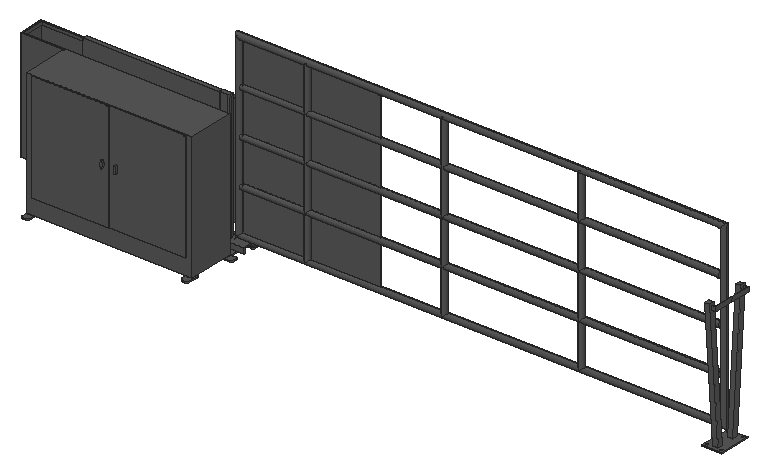
Revit family "1Construction_Fences-&-Traffic-Security_AutoGate_Cornhusker-Pivot-Gates", category Specialty Equipment, Revit 2023 (continued)
Definition of nested family "Yoke"
  Dimensions and locks (in)
    plane 3 "Center (Left/Right)" to Extrusion 20 sketch curve to Extrusion 20 sketch curve to Extrusion 20 sketch curve to Extrusion 20 sketch curve = 0.000" locked, 3.000" locked, 0.000" locked, 3.000" locked
    Extrusion 20 sketch curve to plane 1 "Center (Front/Back)" to Extrusion 20 sketch curve = 5.500" locked, 5.500" locked
    "Bottom Plate Offset": plane 38 to plane 3 "Center (Left/Right)"
    locked: plane 38 to cut or joined group of Extrusion 18, Extrusion 20, Extrusion 21 at 8
    Extrusion 21 sketch curve to Extrusion 21 sketch curve to plane 1 "Center (Front/Back)" to Extrusion 21 sketch curve to Extrusion 21 sketch curve = 0.000" locked, 5.500" locked, 5.500" locked, 0.000" locked
    plane 38 to Extrusion 21 sketch curve to Extrusion 21 sketch curve to Extrusion 21 sketch curve to Extrusion 21 sketch curve = 1.000" locked, 0.000" locked, 6.000" locked, 0.000" locked
    locked: plane 39 to plane 40 at 0.25
    "Void E_F_G": plane 39 to plane 2
    locked: plane 16 to plane 1 "Center (Front/Back)" at 5.25
    "Top Br Offset B_F": plane 1 "Center (Front/Back)" to plane 17
    plane 1 "Center (Front/Back)" to Extrusion 22 sketch curve to Extrusion 22 sketch curve = 4.00044" locked, 2.000" locked
    plane 1 "Center (Front/Back)" to Extrusion 23 sketch curve to Extrusion 23 sketch curve = 4.00044" locked, 2.000" locked
    "Void Bottom G": plane 3 "Center (Left/Right)" to plane 42
    locked: plane 42 to plane 43 at 2
    Extrusion 27 sketch curve to plane 1 "Center (Front/Back)" to Extrusion 27 sketch curve = 5.250" locked, 5.250" locked
    Extrusion 28 sketch curve to plane 1 "Center (Front/Back)" to Extrusion 28 sketch curve = 1.000" locked, 1.000" locked
    Extrusion 29 sketch curve to plane 1 "Center (Front/Back)" to Extrusion 29 sketch curve = 3.99956" locked, 4.00044" locked
    Extrusion 29 sketch curve to Extrusion 29 sketch curve to plane 44 = 0.750" locked, 6.51988" locked
    locked: Extrusion 29 to plane 43 at 0.75
    locked: plane 41 to plane 2 at 0.5
    locked: plane 2 to plane 44 at 36
    Extrusion 32 sketch curve to Extrusion 32 sketch curve to plane 1 "Center (Front/Back)" to Extrusion 32 sketch curve to Extrusion 32 sketch curve = 0.200" locked, 3.050" locked, 3.050" locked, 0.200" locked
    plane 3 "Center (Left/Right)" to Extrusion 32 sketch curve to Extrusion 32 sketch curve = 1.600" locked, 0.000" locked
    locked: plane 3 "Center (Left/Right)" to Extrusion 32 sketch curve at 0.2
    locked: plane 45 to plane 2 at 5
    equal spacing: plane 47, plane 46, plane 45
    "Fence Height": plane 47 to plane 2
    plane 46 to plane 48 to plane 49 = 8.80494" locked, 2.400" locked
    plane 51 to plane 50 to plane 46 = 2.400" locked, 8.80494" locked
    plane 38 to Extrusion 33 sketch curve to Extrusion 33 sketch curve to Extrusion 33 sketch curve = 0.200" locked, 1.400" locked, 0.000" locked
    Extrusion 33 sketch curve to Extrusion 33 sketch curve to plane 1 "Center (Front/Back)" to Extrusion 33 sketch curve to Extrusion 33 sketch curve = 0.200" locked, 3.050" locked, 3.050" locked, 0.200" locked
    plane 52 to plane 46 to plane 53 = 18.000" locked, 18.000" locked
    Sweep 34 sketch curve to plane 46 to Sweep 34 sketch curve = 12.000" locked, 12.000" locked
    plane 1 "Center (Front/Back)" to Sweep 34 sketch curve to Sweep 34 sketch curve to Sweep 34 sketch curve = 3.050" locked, 1.47916" locked, 0.000" locked
    plane 1 "Center (Front/Back)" to Sweep 34 sketch curve to Sweep 34 sketch curve to Sweep 34 sketch curve to Sweep 34 sketch curve = 3.050" locked, 0.100" locked, 0.775" locked, 0.000" locked
    Sweep 35 sketch curve to plane 46 to Sweep 35 sketch curve = 12.000" locked, 12.000" locked
    Sweep 35 sketch curve to Sweep 35 sketch curve to Sweep 35 sketch curve to plane 1 "Center (Front/Back)" = 0.000" locked, 1.47916" locked, 3.050" locked
    Sweep 35 sketch curve to Sweep 35 sketch curve to Sweep 35 sketch curve to Sweep 35 sketch curve to plane 1 "Center (Front/Back)" = 0.000" locked, 0.775" locked, 0.100" locked, 3.050" locked
    plane 3 "Center (Left/Right)" to Sweep 34 sketch curve to Sweep 34 sketch curve to Sweep 34 sketch curve to Sweep 34 sketch curve = 1.600" locked, 0.100" locked, 1.400" locked, 0.100" locked
    plane 3 "Center (Left/Right)" to Sweep 35 sketch curve to Sweep 35 sketch curve to Sweep 35 sketch curve to Sweep 35 sketch curve = 1.600" locked, 0.100" locked, 1.400" locked, 0.100" locked
    Extrusion 36 sketch curve to Extrusion 36 sketch curve to plane 1 "Center (Front/Back)" to Extrusion 36 sketch curve to Extrusion 36 sketch curve = 0.200" locked, 3.050" locked, 3.050" locked, 0.200" locked
    plane 3 "Center (Left/Right)" to Extrusion 36 sketch curve to Extrusion 36 sketch curve to Extrusion 36 sketch curve to Extrusion 36 sketch curve = 0.000" locked, 0.200" locked, 1.400" locked, 0.000" locked
    locked: plane 54 to plane 45 at 7.875
    locked: plane 47 to plane 55 at 7.875
    locked: Extrusion 36 to plane 54 at 1.6
    locked: plane 54 to Extrusion 36 at 1.6
    plane 3 "Center (Left/Right)" to Sweep 37 sketch curve to Sweep 37 sketch curve to Sweep 37 sketch curve to Sweep 37 sketch curve = 1.600" locked, 0.100" locked, 1.400" locked, 0.100" locked
    plane 1 "Center (Front/Back)" to Sweep 37 sketch curve to Sweep 37 sketch curve to Sweep 37 sketch curve to Sweep 37 sketch curve = 3.050" locked, 0.100" locked, 0.775" locked, 0.000" locked
    Sweep 37 sketch curve to Sweep 37 sketch curve to plane 54 to Sweep 37 sketch curve to Sweep 37 sketch curve = 5.100" locked, 2.775" locked, 2.775" locked, 5.100" locked
    plane 1 "Center (Front/Back)" to Sweep 37 sketch curve to Sweep 37 sketch curve to Sweep 37 sketch curve = 3.050" locked, 1.25729" locked, 0.000" locked
    Sweep 38 sketch curve to Sweep 38 sketch curve to Sweep 38 sketch curve to Sweep 38 sketch curve to plane 1 "Center (Front/Back)" = 0.000" locked, 1.25729" locked, 0.000" locked, 3.050" locked
    Sweep 38 sketch curve to Sweep 38 sketch curve to plane 54 to Sweep 38 sketch curve to Sweep 38 sketch curve = 5.100" locked, 2.775" locked, 2.775" locked, 5.100" locked
    plane 3 "Center (Left/Right)" to Sweep 38 sketch curve to Sweep 38 sketch curve to Sweep 38 sketch curve to Sweep 38 sketch curve = 1.600" locked, 0.100" locked, 1.400" locked, 0.100" locked
    Sweep 38 sketch curve to Sweep 38 sketch curve to Sweep 38 sketch curve to Sweep 38 sketch curve to plane 1 "Center (Front/Back)" = 0.000" locked, 0.775" locked, 0.100" locked, 3.050" locked
    plane 3 "Center (Left/Right)" to Extrusion 39 sketch curve to Extrusion 39 sketch curve to Extrusion 39 sketch curve to Extrusion 39 sketch curve = 0.000" locked, 0.200" locked, 1.400" locked, 0.000" locked
    Extrusion 39 sketch curve to Extrusion 39 sketch curve to plane 1 "Center (Front/Back)" to Extrusion 39 sketch curve to Extrusion 39 sketch curve = 0.200" locked, 3.050" locked, 3.050" locked, 0.200" locked
    locked: Extrusion 39 to plane 55 at 1.6
    locked: plane 55 to Extrusion 39 at 1.6
    Sweep 40 sketch curve to Sweep 40 sketch curve to plane 55 to Sweep 40 sketch curve to Sweep 40 sketch curve = 5.100" locked, 2.775" locked, 2.775" locked, 5.100" locked
    plane 1 "Center (Front/Back)" to Sweep 40 sketch curve to Sweep 40 sketch curve to Sweep 40 sketch curve = 3.050" locked, 1.25729" locked, 0.000" locked
    plane 3 "Center (Left/Right)" to Sweep 40 sketch curve to Sweep 40 sketch curve to Sweep 40 sketch curve to Sweep 40 sketch curve = 1.600" locked, 0.100" locked, 1.400" locked, 0.100" locked
    plane 1 "Center (Front/Back)" to Sweep 40 sketch curve to Sweep 40 sketch curve to Sweep 40 sketch curve to Sweep 40 sketch curve = 3.050" locked, 0.100" locked, 0.775" locked, 0.000" locked
    Sweep 41 sketch curve to Sweep 41 sketch curve to plane 55 to Sweep 41 sketch curve to Sweep 41 sketch curve = 5.100" locked, 2.775" locked, 2.775" locked, 5.100" locked
    Sweep 41 sketch curve to Sweep 41 sketch curve to Sweep 41 sketch curve to plane 1 "Center (Front/Back)" = 0.000" locked, 1.25729" locked, 3.050" locked
    plane 3 "Center (Left/Right)" to Sweep 41 sketch curve to Sweep 41 sketch curve to Sweep 41 sketch curve to Sweep 41 sketch curve = 1.600" locked, 0.100" locked, 1.400" locked, 0.100" locked
    Sweep 41 sketch curve to Sweep 41 sketch curve to Sweep 41 sketch curve to Sweep 41 sketch curve to plane 1 "Center (Front/Back)" = 0.000" locked, 0.775" locked, 0.100" locked, 3.050" locked
    plane 12 to Extrusion 4 sketch curve to Extrusion 4 sketch curve = 0.000" locked, 0.250" locked
    locked: plane 11 to Extrusion 4 sketch curve at 0.25
    locked: plane 16 to Extrusion 5 sketch curve at 0.25
    locked: plane 17 to Extrusion 5 sketch curve at 0.25
    Extrusion 30 sketch curve to Extrusion 30 sketch curve to plane 1 "Center (Front/Back)" to Extrusion 30 sketch curve to Extrusion 30 sketch curve = 0.250" locked, 6.99999" locked, 4.750" locked, 0.250" locked
    plane 3 "Center (Left/Right)" to Extrusion 30 sketch curve to Extrusion 30 sketch curve to Extrusion 30 sketch curve to Extrusion 30 sketch curve = 0.000" locked, 1.750" locked, 0.250" locked, 4.000" locked
    Extrusion 31 sketch curve to Extrusion 31 sketch curve to plane 1 "Center (Front/Back)" to Extrusion 31 sketch curve to Extrusion 31 sketch curve = 0.250" locked, 5.000" locked, 4.750" locked, 0.250" locked
    plane 3 "Center (Left/Right)" to Extrusion 31 sketch curve to Extrusion 31 sketch curve to Extrusion 31 sketch curve = 1.750" locked, 0.250" locked, 4.000" locked
    plane 17 to Extrusion 9 sketch curve to Extrusion 9 sketch curve to Extrusion 9 sketch curve = 0.250" locked, 11.99946" locked, 0.250" locked
    locked: plane 17 to Extrusion 10 sketch curve at 0.25
    locked: plane 16 to Extrusion 10 sketch curve at 0.25
    Extrusion 15 sketch curve to Extrusion 15 sketch curve to plane 32 = 0.250" locked, 1.750" locked
    Extrusion 15 sketch curve to Extrusion 15 sketch curve to plane 1 "Center (Front/Back)" to Extrusion 15 sketch curve to Extrusion 15 sketch curve = 0.250" locked, 8.000" locked, 8.000" locked, 0.250" locked
    Extrusion 16 sketch curve to Extrusion 16 sketch curve to plane 1 "Center (Front/Back)" to Extrusion 16 sketch curve to Extrusion 16 sketch curve = 0.250" locked, 5.000" locked, 5.000" locked, 0.250" locked
    Extrusion 16 sketch curve to Extrusion 16 sketch curve to plane 32 = 0.250" locked, 1.750" locked
    Extrusion 24 sketch curve to Extrusion 24 sketch curve to plane 1 "Center (Front/Back)" to Extrusion 24 sketch curve to Extrusion 24 sketch curve = 0.250" locked, 7.000" locked, 9.000" locked, 0.250" locked
    Extrusion 24 sketch curve to plane 3 "Center (Left/Right)" to Extrusion 24 sketch curve to Extrusion 24 sketch curve = 2.250" locked, 1.750" locked, 0.250" locked
    Extrusion 25 sketch curve to Extrusion 25 sketch curve to plane 1 "Center (Front/Back)" to Extrusion 25 sketch curve to Extrusion 25 sketch curve = 0.250" locked, 5.000" locked, 9.000" locked, 0.250" locked
    Extrusion 25 sketch curve to plane 3 "Center (Left/Right)" to Extrusion 25 sketch curve to Extrusion 25 sketch curve = 2.250" locked, 1.750" locked, 0.250" locked
    locked: plane 12 to Masking region 1 sketch curve at 0.25
    locked: plane 11 to Masking region 1 sketch curve at 0.25
    locked: plane 16 to Masking region 2 sketch curve at 0.25
    locked: plane 17 to Masking region 2 sketch curve at 0.25
    locked: Masking region 4 sketch curve to plane 3 "Center (Left/Right)" at 2
    plane 1 "Center (Front/Back)" to Masking region 4 sketch curve to Masking region 4 sketch curve = 3.28646" locked, 3.45162" locked
    plane 1 "Center (Front/Back)" to Masking region 3 sketch curve to Masking region 3 sketch curve = 6.73808" locked, 1.99513" locked
    locked: Masking region 5 sketch curve to plane 3 "Center (Left/Right)" at 2
    Masking region 5 sketch curve to Masking region 5 sketch curve to plane 1 "Center (Front/Back)" = 1.99513" locked, 6.73808" locked
    locked: Masking region 6 sketch curve to plane 3 "Center (Left/Right)" at 2
    Masking region 6 sketch curve to Masking region 6 sketch curve to plane 1 "Center (Front/Back)" = 3.45206" locked, 3.28603" locked
    Masking region 7 sketch curve to Masking region 7 sketch curve to plane 18 to Masking region 7 sketch curve to Masking region 7 sketch curve = 0.09375" locked, 0.27363" locked, 0.27363" locked, 0.09375" locked  (x2)
    Masking region 7 sketch curve to plane 18 to Masking region 7 sketch curve = 0.10037" locked, 0.10037" locked
    plane 17 to Masking region 8 sketch curve to Masking region 8 sketch curve to Masking region 8 sketch curve = 0.250" locked, 11.99946" locked, 0.250" locked
    locked: plane 16 to Masking region 9 sketch curve at 0.25
    locked: Masking region 10 sketch curve to plane 28 at 0.13514
    locked: plane 28 to Masking region 10 sketch curve at 0.13406
    Masking region 10 sketch curve to Masking region 10 sketch curve to plane 28 to Masking region 10 sketch curve to Masking region 10 sketch curve = 0.125" locked, 0.36537" locked, 0.36537" locked, 0.125" locked
    Masking region 10 sketch curve to Masking region 10 sketch curve to plane 28 to Masking region 10 sketch curve to Masking region 10 sketch curve = 0.125" locked, 0.36537" locked, 0.36537", 0.125"
    Masking region 11 sketch curve to plane 1 "Center (Front/Back)" to Masking region 11 sketch curve = 1.000" locked, 1.000" locked
    Masking region 12 sketch curve to Masking region 12 sketch curve to plane 1 "Center (Front/Back)" to Masking region 12 sketch curve to Masking region 12 sketch curve = 0.250" locked, 6.99999" locked, 4.750" locked, 0.250" locked
    plane 3 "Center (Left/Right)" to Masking region 12 sketch curve to Masking region 12 sketch curve to Masking region 12 sketch curve to Masking region 12 sketch curve = 0.000" locked, 1.750" locked, 0.250" locked, 4.000" locked
    Masking region 13 sketch curve to Masking region 13 sketch curve to plane 1 "Center (Front/Back)" = 0.250" locked, 5.000" locked
    locked: plane 3 "Center (Left/Right)" to Masking region 13 sketch curve at 1.75
    Masking region 14 sketch curve to Masking region 14 sketch curve to plane 32 = 0.250" locked, 1.750" locked
    Masking region 14 sketch curve to Masking region 14 sketch curve to plane 1 "Center (Front/Back)" to Masking region 14 sketch curve to Masking region 14 sketch curve = 0.250" locked, 8.000" locked, 8.000" locked, 0.250" locked
    Masking region 15 sketch curve to Masking region 15 sketch curve to plane 1 "Center (Front/Back)" to Masking region 15 sketch curve to Masking region 15 sketch curve = 1.99513" locked, 6.73765" locked, 6.73765" locked, 1.99513" locked
    Masking region 16 sketch curve to Masking region 16 sketch curve to plane 1 "Center (Front/Back)" to Masking region 16 sketch curve to Masking region 16 sketch curve = 3.45162" locked, 3.28603" locked, 3.28603" locked, 3.45162" locked
    Masking region 16 sketch curve to Masking region 16 sketch curve to Masking region 16 sketch curve to plane 1 "Center (Front/Back)" to Masking region 16 sketch curve to Masking region 16 sketch curve to Masking region 16 sketch curve = 0.375" locked, 0.000" locked, 1.62246" locked, 1.62246" locked, 0.000" locked, 0.375" locked
    Masking region 16 sketch curve to Masking region 16 sketch curve to Masking region 16 sketch curve to Masking region 16 sketch curve to Masking region 16 sketch curve to Masking region 16 sketch curve to plane 33 = 0.375" locked, 0.000" locked, 1.250" locked, 0.000" locked, 0.375" locked, 4.000" locked
    Masking region 15 sketch curve to Masking region 15 sketch curve to plane 1 "Center (Front/Back)" to Masking region 15 sketch curve to Masking region 15 sketch curve = 2.250" locked, 2.000" locked, 2.000" locked, 2.250" locked
    Masking region 15 sketch curve to Masking region 15 sketch curve to Masking region 15 sketch curve to Masking region 15 sketch curve to plane 33 = 0.000" locked, 0.250" locked, 0.000" locked, 4.875" locked
    Masking region 17 sketch curve to Masking region 17 sketch curve to plane 1 "Center (Front/Back)" to Masking region 17 sketch curve to Masking region 17 sketch curve = 0.250" locked, 7.000" locked, 9.000" locked, 0.250" locked
    Masking region 17 sketch curve to plane 3 "Center (Left/Right)" to Masking region 17 sketch curve to Masking region 17 sketch curve = 2.250" locked, 1.750" locked, 0.250" locked
    Masking region 18 sketch curve to Masking region 18 sketch curve to plane 1 "Center (Front/Back)" = 0.250" locked, 5.000" locked
    locked: plane 3 "Center (Left/Right)" to Masking region 18 sketch curve at 1.75
    plane 3 "Center (Left/Right)" to Masking region 18 sketch curve to Masking region 18 sketch curve = 1.500" locked, 0.250" locked
    plane 1 "Center (Front/Back)" to Masking region 18 sketch curve to Masking region 18 sketch curve = 4.00044" locked, 2.000" locked
    plane 3 "Center (Left/Right)" to Masking region 19 sketch curve to Masking region 19 sketch curve to Masking region 19 sketch curve to Masking region 19 sketch curve = 0.000" locked, 0.200" locked, 1.400" locked, 0.000" locked
    Masking region 19 sketch curve to Masking region 19 sketch curve to plane 1 "Center (Front/Back)" to Masking region 19 sketch curve to Masking region 19 sketch curve = 0.200" locked, 3.050" locked, 3.050" locked, 0.200" locked
    Masking region 19 sketch curve to Masking region 19 sketch curve to Masking region 19 sketch curve to Masking region 19 sketch curve to plane 1 "Center (Front/Back)" to Masking region 19 sketch curve to Masking region 19 sketch curve to Masking region 19 sketch curve to Masking region 19 sketch curve = 0.000" locked, 0.75247" locked, 0.09709" locked, 4.52916" locked, 4.52916" locked, 0.09709" locked, 0.75247" locked, 0.000" locked
    plane 3 "Center (Left/Right)" to Masking region 19 sketch curve to Masking region 19 sketch curve to Masking region 19 sketch curve to Masking region 19 sketch curve to Masking region 19 sketch curve to Masking region 19 sketch curve to Masking region 19 sketch curve to Masking region 19 sketch curve = 1.600" locked, 0.000" locked, 0.100" locked, 0.000" locked, 1.400" locked, 0.000" locked, 0.100" locked, 0.000" locked
    Masking region 20 sketch curve to Masking region 20 sketch curve to plane 1 "Center (Front/Back)" to Masking region 20 sketch curve to Masking region 20 sketch curve = 1.47916" locked, 3.050" locked, 3.050" locked, 1.47916" locked
    plane 3 "Center (Left/Right)" to Masking region 20 sketch curve to Masking region 20 sketch curve to Masking region 20 sketch curve to Masking region 20 sketch curve = 1.600" locked, 0.000" locked, 1.600" locked, 0.000" locked
    Masking region 21 sketch curve to Masking region 21 sketch curve to plane 1 "Center (Front/Back)" to Masking region 21 sketch curve to Masking region 21 sketch curve = 2.28602" locked, 1.00044" locked, 1.00044" locked, 2.28602" locked
    Masking region 21 sketch curve to Masking region 21 sketch curve to plane 3 "Center (Left/Right)" to Masking region 21 sketch curve to Masking region 21 sketch curve = 0.000" locked, 2.000" locked, 0.000" locked, 0.000" locked
    Masking region 22 sketch curve to Masking region 22 sketch curve to plane 1 "Center (Front/Back)" to Masking region 22 sketch curve to Masking region 22 sketch curve = 3.000" locked, 1.00044" locked, 1.00044" locked, 3.000" locked
    Masking region 22 sketch curve to Masking region 22 sketch curve to Masking region 22 sketch curve to Masking region 22 sketch curve to plane 3 "Center (Left/Right)" = 0.000" locked, 0.750" locked, 0.000" locked, 2.000" locked
    Masking region 24 sketch curve to plane 3 "Center (Left/Right)" to Masking region 24 sketch curve = 2.000" locked, 0.000" locked
    plane 1 "Center (Front/Back)" to Masking region 24 sketch curve to Masking region 24 sketch curve = 4.00044" locked, 2.000" locked
    Masking region 23 sketch curve to Masking region 23 sketch curve to Masking region 23 sketch curve to Masking region 23 sketch curve to Masking region 23 sketch curve to plane 3 "Center (Left/Right)" to Masking region 23 sketch curve to Masking region 23 sketch curve to Masking region 23 sketch curve to Masking region 23 sketch curve to Masking region 23 sketch curve to Masking region 23 sketch curve = 1.000" locked, 0.000" locked, 2.000" locked, 0.000" locked, 2.000" locked, 0.000" locked, 0.000" locked, 0.000" locked, 1.750" locked, 0.250" locked, 1.000" locked
    Masking region 23 sketch curve to Masking region 23 sketch curve to Masking region 23 sketch curve to Masking region 23 sketch curve to Masking region 23 sketch curve to plane 1 "Center (Front/Back)" to Masking region 23 sketch curve to Masking region 23 sketch curve to Masking region 23 sketch curve to Masking region 23 sketch curve to Masking region 23 sketch curve to Masking region 23 sketch curve = 0.000" locked, 0.000" locked, 1.000" locked, 2.21397" locked, 3.28603" locked, 4.00044" locked, 0.88056" locked, 0.250" locked, 0.369" locked, 0.50044" locked, 0.49956" locked
    Masking region 23 sketch curve to Masking region 23 sketch curve to Masking region 23 sketch curve to Masking region 23 sketch curve to Masking region 23 sketch curve to plane 1 "Center (Front/Back)" = 0.0861" locked, 0.3199" locked, 0.3199" locked, 0.0861" locked, 5.094" locked
    locked: plane 3 "Center (Left/Right)" to Masking region 23 sketch curve at 2
    plane 3 "Center (Left/Right)" to Masking region 23 sketch curve to Masking region 23 sketch curve = 1.83066" locked, 0.16934" locked
    locked: plane 1 "Center (Front/Back)" to Masking region 23 sketch curve at 5.5
    Masking region 23 sketch curve to plane 1 "Center (Front/Back)" to Masking region 23 sketch curve = 1.000" locked, 1.000" locked
    locked: plane 3 "Center (Left/Right)" to Masking region 23 sketch curve
    locked: Masking region 23 sketch curve to plane 3 "Center (Left/Right)" at 5
    plane 1 "Center (Front/Back)" to Masking region 25 sketch curve to Masking region 25 sketch curve to Masking region 25 sketch curve to Masking region 25 sketch curve to Masking region 25 sketch curve to Masking region 25 sketch curve to Masking region 25 sketch curve to Masking region 25 sketch curve to Masking region 25 sketch curve to Masking region 25 sketch curve = 3.28646" locked, 1.71354" locked, 0.094" locked, 0.156" locked, 0.250" locked, 0.3199" locked, 0.0861" locked, 0.594" locked, 0.000" locked, 0.000" locked
    Masking region 25 sketch curve to Masking region 25 sketch curve to Masking region 25 sketch curve to Masking region 25 sketch curve to Masking region 25 sketch curve to Masking region 25 sketch curve to Masking region 25 sketch curve to Masking region 25 sketch curve to Masking region 25 sketch curve to plane 1 "Center (Front/Back)" = 0.000" locked, 0.000" locked, 0.594" locked, 0.406" locked, 0.250" locked, 0.156" locked, 0.094" locked, 1.71397" locked, 3.28603" locked
    Masking region 25 sketch curve to Masking region 25 sketch curve to Masking region 25 sketch curve to Masking region 25 sketch curve to Masking region 25 sketch curve to plane 3 "Center (Left/Right)" to Masking region 25 sketch curve to Masking region 25 sketch curve to Masking region 25 sketch curve to Masking region 25 sketch curve to Masking region 25 sketch curve to Masking region 25 sketch curve to Masking region 25 sketch curve to Masking region 25 sketch curve to Masking region 25 sketch curve to Masking region 25 sketch curve to Masking region 25 sketch curve to Masking region 25 sketch curve to Masking region 25 sketch curve to Masking region 25 sketch curve = 1.000" locked, 0.000" locked, 2.000" locked, 0.000" locked, 2.000" locked, 0.000" locked, 0.000" locked, 0.000" locked, 1.6801" locked, 0.000" locked, 0.0699" locked, 0.000" locked, 0.000" locked, 0.250" locked, 0.000" locked, 0.000" locked, 0.000" locked, 0.000" locked, 1.000" locked
    plane 1 "Center (Front/Back)" to Masking region 26 sketch curve to Masking region 26 sketch curve to Masking region 26 sketch curve to Masking region 26 sketch curve to Masking region 26 sketch curve to Masking region 26 sketch curve to Masking region 26 sketch curve to Masking region 26 sketch curve to Masking region 26 sketch curve to Masking region 26 sketch curve to Masking region 26 sketch curve to Masking region 26 sketch curve to Masking region 26 sketch curve to Masking region 26 sketch curve to Masking region 26 sketch curve to Masking region 26 sketch curve to Masking region 26 sketch curve to Masking region 26 sketch curve to Masking region 26 sketch curve = 0.000" locked, 0.000" locked, 1.62246" locked, 0.000" locked, 0.000" locked, 0.000" locked, 0.375" locked, 0.000" locked, 1.289" locked, 0.000" locked, 0.96354" locked, 0.750" locked, 0.000" locked, 0.250" locked, 0.000" locked, 0.250" locked, 1.000" locked, 0.000" locked, 0.000" locked
    Masking region 26 sketch curve to Masking region 26 sketch curve to Masking region 26 sketch curve to Masking region 26 sketch curve to Masking region 26 sketch curve to Masking region 26 sketch curve to Masking region 26 sketch curve to Masking region 26 sketch curve to Masking region 26 sketch curve to Masking region 26 sketch curve to Masking region 26 sketch curve to Masking region 26 sketch curve to Masking region 26 sketch curve to Masking region 26 sketch curve to Masking region 26 sketch curve to Masking region 26 sketch curve to Masking region 26 sketch curve to plane 1 "Center (Front/Back)" = 0.000" locked, 0.000" locked, 1.000" locked, 0.250" locked, 0.000" locked, 0.250" locked, 0.000" locked, 0.750" locked, 0.96397" locked, 0.000" locked, 1.28857" locked, 0.000" locked, 0.375" locked, 0.000" locked, 0.000" locked, 0.000" locked, 1.62246" locked
    Masking region 26 sketch curve to plane 3 "Center (Left/Right)" to Masking region 26 sketch curve to Masking region 26 sketch curve to Masking region 26 sketch curve to Masking region 26 sketch curve to Masking region 26 sketch curve to Masking region 26 sketch curve to Masking region 26 sketch curve to Masking region 26 sketch curve to Masking region 26 sketch curve to Masking region 26 sketch curve to Masking region 26 sketch curve to Masking region 26 sketch curve to Masking region 26 sketch curve to Masking region 26 sketch curve to Masking region 26 sketch curve to Masking region 26 sketch curve to Masking region 26 sketch curve to Masking region 26 sketch curve to Masking region 26 sketch curve to Masking region 26 sketch curve to Masking region 26 sketch curve to Masking region 26 sketch curve to Masking region 26 sketch curve to Masking region 26 sketch curve to Masking region 26 sketch curve to Masking region 26 sketch curve to Masking region 26 sketch curve to Masking region 26 sketch curve to Masking region 26 sketch curve to Masking region 26 sketch curve to Masking region 26 sketch curve to Masking region 26 sketch curve = 1.000" locked, 0.000" locked, 0.000" locked, 0.000" locked, 0.000" locked, 0.000" locked, 1.750" locked, 0.000" locked, 0.000" locked, 0.250" locked, 0.000" locked, 0.375" locked, 0.000" locked, 0.000" locked, 0.000" locked, 0.500" locked, 0.000" locked, 0.125" locked, 0.000" locked, 0.125" locked, 0.000" locked, 0.500" locked, 0.000" locked, 0.000" locked, 0.000" locked, 0.375" locked, 0.000" locked, 2.000" locked, 0.000" locked, 0.000" locked, 0.000" locked, 0.000" locked, 1.000" locked
    locked: plane 3 "Center (Left/Right)" to Masking region 26 sketch curve at 4.25  (x3)
    plane 3 "Center (Left/Right)" to Masking region 27 sketch curve to Masking region 27 sketch curve to Masking region 27 sketch curve to Masking region 27 sketch curve = 4.250" locked, 0.000" locked, 1.750" locked, 0.000" locked
    Masking region 27 sketch curve to Masking region 27 sketch curve to plane 1 "Center (Front/Back)" to Masking region 27 sketch curve to Masking region 27 sketch curve = 0.250" locked, 5.000" locked, 5.000" locked, 0.250" locked
    Masking region 26 sketch curve to plane 1 "Center (Front/Back)" to Masking region 26 sketch curve = 1.000" locked, 1.000" locked
    locked: Masking region 26 sketch curve to plane 3 "Center (Left/Right)" at 1
    Masking region 25 sketch curve to plane 1 "Center (Front/Back)" to Masking region 25 sketch curve = 1.000" locked, 1.000" locked
    Masking region 25 sketch curve to plane 3 "Center (Left/Right)" to Masking region 25 sketch curve = 5.000" locked, 0.000" locked
    "Halfback Dia": diameter of Extrusion 6 sketch curve  (x2)
    "Halfback Out Dia": diameter of Extrusion 6 sketch curve  (x2)
    "Halfback Dia": diameter of Extrusion 7 sketch curve  (x2)
    "Halfback Out Dia": diameter of Extrusion 7 sketch curve  (x2)
    "Halfback Dia": diameter of Extrusion 11 sketch curve  (x2)
    "Halfback Out Dia": diameter of Extrusion 11 sketch curve  (x2)
    "Halfback Dia": diameter of Extrusion 12 sketch curve  (x2)
    "Halfback Out Dia": diameter of Extrusion 12 sketch curve  (x2)
    "Halfback Dia": diameter of Masking region 7 sketch curve  (x2)
    "Halfback Out Dia": diameter of Masking region 7 sketch curve  (x2)
    "Halfback Dia": diameter of Masking region 10 sketch curve  (x2)
    "Halfback Out Dia": diameter of Masking region 10 sketch curve  (x2)
    locked: plane 1 "Center (Front/Back)" to Extrusion 1 sketch curve (angle 4.00°)  (x2)
    aligned and locked: plane 2 to level
    aligned and locked: plane 4 to Extrusion 1 sketch curve
    aligned and locked: Extrusion 1 to plane 5
    aligned and locked: plane 3 "Center (Left/Right)" to Extrusion 1
    aligned and locked: plane 3 "Center (Left/Right)" to Extrusion 2
    aligned and locked: Extrusion 2 to plane 5
    aligned and locked: plane 4 to Extrusion 2 sketch curve
    aligned and locked: Extrusion 3 sketch curve to plane 2
    aligned and locked: Extrusion 3 to plane 7
    aligned and locked: Extrusion 3 to plane 8
    aligned and locked: Extrusion 4 sketch curve to plane 3 "Center (Left/Right)"
    aligned and locked: plane 3 "Center (Left/Right)" to Extrusion 4 sketch curve
    aligned and locked: plane 13 to Extrusion 4 sketch curve
    aligned and locked: plane 11 to Extrusion 4 sketch curve
    aligned and locked: plane 9 to Extrusion 4
    aligned and locked: Extrusion 4 to plane 10
    aligned and locked: Extrusion 5 to plane 14
    aligned and locked: plane 15 to Extrusion 5
    aligned and locked: plane 3 "Center (Left/Right)" to Extrusion 5 sketch curve
    aligned and locked: Extrusion 5 sketch curve to plane 3 "Center (Left/Right)"
    aligned and locked: plane 17 to Extrusion 5 sketch curve
    aligned and locked: plane 16 to Extrusion 5 sketch curve
    aligned and locked: plane 13 to Extrusion 5 sketch curve
    aligned and locked: plane 6 to Extrusion 2 sketch curve
    aligned and locked: Extrusion 6 sketch curve to plane 19  (x2)
    aligned and locked: Extrusion 6 sketch curve to plane 20  (x2)
    aligned and locked: plane 1 "Center (Front/Back)" to Extrusion 6 sketch curve  (x2)
    aligned and locked: plane 21 to Extrusion 6
    aligned and locked: Extrusion 6 to plane 22
    aligned and locked: Extrusion 7 to plane 24
    aligned and locked: plane 23 to Extrusion 7
    aligned and locked: Extrusion 7 sketch curve to plane 19  (x2)
    aligned and locked: Extrusion 7 sketch curve to plane 20  (x2)
    aligned and locked: plane 25 to Extrusion 1 sketch curve
    aligned and locked: plane 13 to Extrusion 9 sketch curve
    aligned and locked: plane 3 "Center (Left/Right)" to Extrusion 9 sketch curve
    aligned and locked: Extrusion 9 sketch curve to plane 3 "Center (Left/Right)"
    aligned and locked: Extrusion 9 sketch curve to plane 27
    aligned and locked: plane 9 to Extrusion 9
    aligned and locked: Extrusion 9 to plane 10
    aligned and locked: Extrusion 10 to plane 14
    aligned and locked: plane 15 to Extrusion 10
    aligned and locked: plane 13 to Extrusion 10 sketch curve
    aligned and locked: Extrusion 10 sketch curve to plane 27
    aligned and locked: Extrusion 10 sketch curve to plane 3 "Center (Left/Right)"
    aligned and locked: plane 3 "Center (Left/Right)" to Extrusion 10 sketch curve
    aligned and locked: plane 17 to Extrusion 10 sketch curve
    aligned and locked: plane 16 to Extrusion 10 sketch curve
    aligned and locked: plane 17 to Extrusion 9 sketch curve
    aligned and locked: plane 30 to Extrusion 11 sketch curve
    aligned and locked: plane 29 to Extrusion 11 sketch curve
    aligned and locked: plane 21 to Extrusion 11
    aligned and locked: Extrusion 11 to plane 22
    aligned and locked: plane 29 to Extrusion 12 sketch curve
    aligned and locked: Extrusion 12 sketch curve to plane 29
    aligned and locked: Extrusion 12 sketch curve to plane 30
    aligned and locked: plane 30 to Extrusion 12 sketch curve
    aligned and locked: plane 23 to Extrusion 12
    aligned and locked: Extrusion 12 to plane 24
    aligned and locked: plane 31 to Extrusion 13
    aligned and locked: Extrusion 13 to plane 3 "Center (Left/Right)"
    aligned and locked: Extrusion 8 to plane 14
    aligned and locked: plane 4 to Extrusion 14 sketch curve  (x2)
    aligned and locked: Extrusion 14 to plane 32
    aligned and locked: plane 33 to Extrusion 14
    aligned and locked: Extrusion 15 sketch curve to plane 32
    aligned and locked: plane 32 to Extrusion 15 sketch curve
    aligned and locked: Extrusion 16 sketch curve to plane 32
    aligned and locked: plane 32 to Extrusion 16 sketch curve
    aligned and locked: Extrusion 15 to plane 10
    aligned and locked: plane 9 to Extrusion 15
    aligned and locked: plane 15 to Extrusion 16
    aligned and locked: Extrusion 16 to plane 14
    aligned and locked: plane 4 to Extrusion 17
    aligned and locked: Extrusion 17 to plane 6
    aligned and locked: Extrusion 18 to plane 2
    aligned and locked: plane 6 to Extrusion 18
    aligned and locked: plane 6 to Extrusion 19 sketch curve  (x2)
    aligned and locked: plane 35 to Extrusion 19
    aligned and locked: Extrusion 19 to plane 34
    aligned and locked: plane 1 "Center (Front/Back)" to Extrusion 20 sketch curve  (x2)
    aligned and locked: Extrusion 20 to plane 37
    aligned and locked: plane 36 to Extrusion 20
    aligned and locked: plane 38 to Extrusion 18 sketch curve
    aligned and locked: Extrusion 21 to plane 40
    aligned and locked: plane 39 to Extrusion 21
    aligned and locked: plane 6 to Extrusion 22 sketch curve
    aligned and locked: Extrusion 22 sketch curve to plane 4
    aligned and locked: Extrusion 22 to plane 5
    aligned and locked: plane 3 "Center (Left/Right)" to Extrusion 22
    aligned and locked: Extrusion 23 sketch curve to plane 9
    aligned and locked: plane 14 to Extrusion 23 sketch curve
    aligned and locked: plane 27 to Extrusion 23
    aligned and locked: Extrusion 23 to plane 26
    aligned and locked: plane 26 to Extrusion 23
    aligned and locked: Extrusion 24 sketch curve to plane 3 "Center (Left/Right)"
    aligned and locked: plane 9 to Extrusion 24
    aligned and locked: Extrusion 24 to plane 10
    aligned and locked: Extrusion 25 sketch curve to plane 3 "Center (Left/Right)"
    aligned and locked: plane 15 to Extrusion 25
    aligned and locked: Extrusion 25 to plane 14
    aligned and locked: plane 41 to Extrusion 26 sketch curve
    aligned and locked: Extrusion 26 sketch curve to plane 2
    aligned and locked: Extrusion 26 to plane 43
    aligned and locked: plane 42 to Extrusion 26
    aligned and locked: Extrusion 27 sketch curve to plane 41
    aligned and locked: plane 42 to Extrusion 27
    aligned and locked: Extrusion 27 to plane 43
    aligned and locked: Extrusion 28 sketch curve to plane 3 "Center (Left/Right)"
    aligned and locked: plane 43 to Extrusion 28 sketch curve
    aligned and locked: Extrusion 28 to plane 44
    aligned and locked: plane 43 to Extrusion 29
    aligned and locked: plane 9 to Extrusion 30
    aligned and locked: Extrusion 30 to plane 10
    aligned and locked: Extrusion 31 sketch curve to plane 3 "Center (Left/Right)"
    aligned and locked: plane 15 to Extrusion 31
    aligned and locked: Extrusion 31 to plane 14
    aligned and locked: plane 2 to Extrusion 28
    aligned and locked: Extrusion 27 to plane 2
    aligned and locked: Extrusion 32 sketch curve to plane 3 "Center (Left/Right)"
    aligned and locked: plane 48 to Extrusion 32
    aligned and locked: Extrusion 32 to plane 49
    aligned and locked: Extrusion 33 sketch curve to plane 38
    aligned and locked: Extrusion 33 to plane 51
    aligned and locked: plane 50 to Extrusion 33
    aligned and locked: plane 52 to Sweep 34 sketch curve
    aligned and locked: plane 53 to Sweep 34 sketch curve
    aligned and locked: plane 52 to Sweep 35 sketch curve
    aligned and locked: plane 53 to Sweep 35 sketch curve
    aligned and locked: Masking region 1 sketch curve to plane 3 "Center (Left/Right)"  (x2)
    aligned and locked: plane 13 to Masking region 1 sketch curve
    aligned and locked: Masking region 1 sketch curve to plane 27
    aligned and locked: plane 12 to Masking region 1 sketch curve
    aligned and locked: plane 11 to Masking region 1 sketch curve
    aligned and locked: plane 27 to Masking region 2 sketch curve  (x2)
    aligned and locked: plane 17 to Masking region 2 sketch curve
    aligned and locked: plane 16 to Masking region 2 sketch curve
    aligned and locked: Masking region 4 sketch curve to plane 3 "Center (Left/Right)"
    aligned and locked: Masking region 5 sketch curve to plane 3 "Center (Left/Right)"
    aligned and locked: plane 3 "Center (Left/Right)" to Masking region 6 sketch curve
    aligned and locked: plane 17 to Masking region 8 sketch curve
    aligned and locked: plane 13 to Masking region 8 sketch curve
    aligned and locked: Masking region 8 sketch curve to plane 27
    aligned and locked: plane 3 "Center (Left/Right)" to Masking region 8 sketch curve
    aligned and locked: Masking region 8 sketch curve to plane 3 "Center (Left/Right)"
    aligned and locked: plane 16 to Masking region 9 sketch curve
    aligned and locked: plane 3 "Center (Left/Right)" to Masking region 9 sketch curve
    aligned and locked: Masking region 9 sketch curve to plane 27
    aligned and locked: Masking region 11 sketch curve to plane 27
    aligned and locked: plane 26 to Masking region 11 sketch curve
    aligned and locked: Masking region 13 sketch curve to plane 3 "Center (Left/Right)"
    aligned and locked: plane 3 "Center (Left/Right)" to Masking region 3 sketch curve
    aligned and locked: Masking region 2 sketch curve to plane 3 "Center (Left/Right)"
    aligned and locked: plane 3 "Center (Left/Right)" to Masking region 2 sketch curve
    aligned and locked: Masking region 14 sketch curve to plane 32
    aligned and locked: plane 32 to Masking region 14 sketch curve
    aligned and locked: Masking region 15 sketch curve to plane 33
    aligned and locked: plane 33 to Masking region 15 sketch curve
    aligned and locked: Masking region 15 sketch curve to plane 32
    aligned and locked: plane 32 to Masking region 15 sketch curve
    aligned and locked: Masking region 16 sketch curve to plane 33
    aligned and locked: plane 32 to Masking region 16 sketch curve
    aligned and locked: Masking region 16 sketch curve to plane 32
    aligned and locked: plane 33 to Masking region 16 sketch curve
    aligned and locked: Masking region 3 sketch curve to plane 5
    aligned and locked: Masking region 17 sketch curve to plane 3 "Center (Left/Right)"
    aligned and locked: Masking region 18 sketch curve to plane 3 "Center (Left/Right)"
  Automatic sketch dimensions
    plane 1 "Center (Front/Back)" to Extrusion 4 sketch curve = 0.000"  (x2)
    plane 1 "Center (Front/Back)" to Extrusion 5 sketch curve = 0.000"  (x2)
    plane 1 "Center (Front/Back)" to Extrusion 15 sketch curve = 0.000"  (x2)
    plane 1 "Center (Front/Back)" to Extrusion 16 sketch curve = 0.000"  (x2)
    Extrusion 26 sketch curve to plane 16 = 0.000"
    Extrusion 26 sketch curve to plane 17 = 0.000"
    Extrusion 1 sketch curve to plane 6 = 0.000"
    Extrusion 8 sketch curve to plane 14 = 0.000"
    Extrusion 8 sketch curve to plane 9 = 0.000"
    Extrusion 18 sketch curve to plane 33 = 1.000"
    Extrusion 27 sketch curve to level = 0.000"
    Extrusion 4 sketch curve to plane 27 = 0.000"
    Extrusion 5 sketch curve to plane 27 = 0.000"
    plane 1 "Center (Front/Back)" to Masking region 1 sketch curve = 0.000"  (x2)
    plane 1 "Center (Front/Back)" to Masking region 14 sketch curve = 0.000"  (x2)
    Masking region 26 sketch curve to Masking region 26 sketch curve = 0.000"  (x4)
    plane 1 "Center (Front/Back)" to Masking region 26 sketch curve = 0.3125"
    Masking region 25 sketch curve to Masking region 25 sketch curve = 0.000"  (x2)
    Masking region 25 sketch curve to plane 3 "Center (Left/Right)" = 0.000"
    Extrusion 6 sketch curve to Extrusion 6 sketch curve = 0.000"  (x4)
    Extrusion 7 sketch curve to Extrusion 7 sketch curve = 0.000"  (x4)
    plane 20 to Extrusion 7 sketch curve = 0.000"
    plane 1 "Center (Front/Back)" to Extrusion 7 sketch curve = 0.000"  (x2)
    Extrusion 11 sketch curve to Extrusion 11 sketch curve = 0.000"  (x4)
    Extrusion 11 sketch curve to plane 30 = 0.000"
    Extrusion 11 sketch curve to plane 3 "Center (Left/Right)" = 0.000"  (x2)
    Extrusion 11 sketch curve to plane 29 = 0.000"
    Extrusion 12 sketch curve to Extrusion 12 sketch curve = 0.000"  (x4)
    Extrusion 12 sketch curve to plane 3 "Center (Left/Right)" = 0.000"  (x2)
    Masking region 7 sketch curve to Masking region 7 sketch curve = 0.000"  (x4)
    plane 20 to Masking region 7 sketch curve = 0.000"  (x2)
    plane 1 "Center (Front/Back)" to Masking region 7 sketch curve = 0.000"  (x2)
    Masking region 7 sketch curve to plane 19 = 0.000"  (x2)
    Masking region 10 sketch curve to Masking region 10 sketch curve = 0.000"  (x4)
    Masking region 10 sketch curve to plane 30 = 0.000"  (x2)
    Masking region 10 sketch curve to plane 3 "Center (Left/Right)" = 0.000"  (x2)
    Masking region 10 sketch curve to plane 29 = 0.000"  (x2)
    radius of Extrusion 13 sketch curve = 0.1405"  (x4)
    radius of Extrusion 20 sketch curve = 0.3125"  (x4)
    radius of Extrusion 21 sketch curve = 0.406"  (x4)
    radius of Masking region 23 sketch curve = 0.406"  (x2)
    radius of Masking region 26 sketch curve = 0.3125"  (x3)
    radius of Masking region 25 sketch curve = 0.406"  (x2)
Definition of nested family "Gate Operator"
  Parameters (values of type "Gate Operator")
    z_Std Gate Guard = if(or(Gate Height = 72.000", Gate Height < 72.000"), 1 = 1, 1 = 0)  # no
    z_NonStd Gate Guard = not(z_Std Gate Guard)  # yes
    URL = ""
    Model = ""
    Mesh Material = none
    Manufacturer = ""
    Keynote = ""
    Gate Height = 80.000"
    Gate Material = none
    Gate Guard = if(or(Gate Height = 84.000", and(Gate Height > 72.000", Gate Height < 84.000")), 17.500", if(or(Gate Height = 96.000", and(Gate Height > 84.000", Gate Height < 96.000")), 29.500", if(or(Gate Height = 108.000", and(Gate Height > 96.000", Gate Height < 108.000")), 41.500", if(Gate Height < 72.000", 12.000", 10.000"))))  # 17.500"
    Description = ""
    Default Elevation = 0.000"
    Assembly Code = ""
  Reference planes (in)
    plane 1 "Center (Front/Back)": y = 0
    plane 2 "Bottom": z = 0
    plane 3 "Center (Left/Right)": x = 0
    plane 4: y = 30.5
    plane 5: x = -67.175
    plane 6: z = 52.1875
    plane 7: x = -69.425
    plane 8: x = -84.675
    plane 9: z = 51.1875
    plane 10: z = 6.9375
    plane 11: z = 7.9375
    plane 12: z = 29.5625
    plane 13: y = 23.935
    plane 14: x = -0.095
    plane 15: y = 30.43
  Forms (in)
    Extrusion 1, solid, material <- "Gate Material", detail levels medium+fine
      sketch origin (-1, 0, -0.73179) x (1, 0, 0) y (0, 0, 1)
        loop
          line (-66.175, 1.47169) -> (1, 1.47169) -> (1, 52.91929) -> (-66.175, 52.91929) -> (-66.175, 1.47169)
      from -19.5 to 0
    Extrusion 2, solid, material <- "Gate Material", detail levels medium+fine
      sketch origin (0, 0, 0) x (1, 0, 0) y (0, 0, 1)
        loop
          line (-33.42475, 51.825) -> (-33.42475, 7.325) -> (-2.24975, 7.325) -> (-2.24975, 51.825) -> (-33.42475, 51.825)
        loop
          line (-65.00025, 51.825) -> (-65.00025, 7.325) -> (-33.82525, 7.325) -> (-33.82525, 51.825) -> (-65.00025, 51.825)
      from 0 to 0.0433
    Extrusion 3, solid, material <- "Gate Material", detail levels medium+fine
      sketch origin (0, -0.0433, 0) x (1, 0, 0) y (0, 0, 1)
        loop
          arc (-36.70311, 31.01545) -> (-36.8874, 29.64045) -> (-36.70311, 28.26545) r 5.22172
          arc (-36.70311, 28.26545) -> (-36.38789, 28.06436) -> (-36.07266, 28.26545) r 0.34761
          arc (-36.07266, 28.26545) -> (-35.89876, 29.64026) -> (-36.06967, 31.01545) r 5.56912
          arc (-36.06967, 31.01545) -> (-36.38639, 31.21555) -> (-36.70311, 31.01545) r 0.3507
        loop
          arc (-31.17967, 31.01545) -> (-31.36396, 29.64045) -> (-31.17967, 28.26545) r 5.22172
          arc (-31.17967, 28.26545) -> (-30.86445, 28.06436) -> (-30.54923, 28.26545) r 0.34761
          arc (-30.54923, 28.26545) -> (-30.37532, 29.64026) -> (-30.54623, 31.01545) r 5.56912
          arc (-30.54623, 31.01545) -> (-30.86295, 31.21555) -> (-31.17967, 31.01545) r 0.3507
      from 0 to 0.53784
    Extrusion 4, solid, material <- "Gate Material", detail levels medium+fine
      sketch origin (0, 0, 0) x (1, 0, 0) y (0, 1, 0)
        loop
          line (-67.625, 30.40005) -> (-67.625, 17.39995)
          arc (-67.625, 17.39995) -> (-67.47857, 17.04643) -> (-67.12505, 16.9) r 0.49995
          line (-67.12505, 16.9) -> (-65.125, 16.9)
          arc (-65.125, 16.9) -> (-64.77145, 17.04645) -> (-64.625, 17.4) r 0.5
          line (-64.625, 17.4) -> (-64.625, 30.4)
          arc (-64.625, 30.4) -> (-64.77145, 30.75355) -> (-65.125, 30.9) r 0.5
          line (-65.125, 30.9) -> (-67.12505, 30.9)
          arc (-67.12505, 30.9) -> (-67.47857, 30.75357) -> (-67.625, 30.40005) r 0.49995
        loop
          line (-66.625, -2.6) -> (-65.625, -2.6)
          arc (-65.625, -2.6) -> (-64.91789, -2.30711) -> (-64.625, -1.6) r 1
          line (-64.625, -1.6) -> (-64.625, 2.4)
          arc (-64.625, 2.4) -> (-64.77145, 2.75355) -> (-65.125, 2.9) r 0.5
          line (-65.125, 2.9) -> (-67.125, 2.9)
          arc (-67.125, 2.9) -> (-67.47855, 2.75355) -> (-67.625, 2.4) r 0.5
          line (-67.625, 2.4) -> (-67.625, -1.6)
          arc (-67.625, -1.6) -> (-67.33211, -2.30711) -> (-66.625, -2.6) r 1
        loop
          line (-2.625, 30.40005) -> (-2.625, 17.39995)
          arc (-2.625, 17.39995) -> (-2.47857, 17.04643) -> (-2.12505, 16.9) r 0.49995
          line (-2.12505, 16.9) -> (1.875, 16.9)
          arc (1.875, 16.9) -> (2.58211, 17.19289) -> (2.875, 17.9) r 1
          line (2.875, 17.9) -> (2.875, 18.9)
          arc (2.875, 18.9) -> (2.58211, 19.60711) -> (1.875, 19.9) r 1
          line (1.875, 19.9) -> (0.5, 19.9)
          arc (0.5, 19.9) -> (0.41161, 19.93661) -> (0.375, 20.025) r 0.125
          line (0.375, 20.025) -> (0.375, 27.775)
          arc (0.375, 27.775) -> (0.41161, 27.86339) -> (0.5, 27.9) r 0.125
          line (0.5, 27.9) -> (1.875, 27.9)
          arc (1.875, 27.9) -> (2.58211, 28.19289) -> (2.875, 28.9) r 1
          line (2.875, 28.9) -> (2.875, 29.9)
          arc (2.875, 29.9) -> (2.58211, 30.60711) -> (1.875, 30.9) r 1
          line (1.875, 30.9) -> (-2.12505, 30.9)
          arc (-2.12505, 30.9) -> (-2.47857, 30.75357) -> (-2.625, 30.40005) r 0.49995
        loop
          line (-1.625, -2.6) -> (-0.625, -2.6)
          arc (-0.625, -2.6) -> (0.08211, -2.30711) -> (0.375, -1.6) r 1
          line (0.375, -1.6) -> (0.375, 2.4)
          arc (0.375, 2.4) -> (0.22855, 2.75355) -> (-0.125, 2.9) r 0.5
          line (-0.125, 2.9) -> (-2.125, 2.9)
          arc (-2.125, 2.9) -> (-2.47855, 2.75355) -> (-2.625, 2.4) r 0.5
          line (-2.625, 2.4) -> (-2.625, -1.6)
          arc (-2.625, -1.6) -> (-2.33211, -2.30711) -> (-1.625, -2.6) r 1
      from 0 to 0.375
    Extrusion 5, solid, material <- "Gate Material", detail levels medium+fine
      sketch origin (0, 0, 0) x (1, 0, 0) y (0, 1, 0)
        loop
          line (-0.22, 2.43) -> (-2.03, 2.43)
          arc (-2.03, 2.43) -> (-2.11839, 2.39339) -> (-2.155, 2.305) r 0.125
          line (-2.155, 2.305) -> (-2.155, 0.495)
          arc (-2.155, 0.495) -> (-2.11839, 0.40661) -> (-2.03, 0.37) r 0.125
          line (-2.03, 0.37) -> (-0.22, 0.37)
          arc (-0.22, 0.37) -> (-0.13161, 0.40661) -> (-0.095, 0.495) r 0.125
          line (-0.095, 0.495) -> (-0.095, 2.305)
          arc (-0.095, 2.305) -> (-0.13161, 2.39339) -> (-0.22, 2.43) r 0.125
        loop
          line (-65.19, 2.43) -> (-67, 2.43)
          arc (-67, 2.43) -> (-67.08839, 2.39339) -> (-67.125, 2.305) r 0.125
          line (-67.125, 2.305) -> (-67.125, 0.495)
          arc (-67.125, 0.495) -> (-67.08839, 0.40661) -> (-67, 0.37) r 0.125
          line (-67, 0.37) -> (-65.19, 0.37)
          arc (-65.19, 0.37) -> (-65.10161, 0.40661) -> (-65.065, 0.495) r 0.125
          line (-65.065, 0.495) -> (-65.065, 2.305)
          arc (-65.065, 2.305) -> (-65.10161, 2.39339) -> (-65.19, 2.43) r 0.125
        loop
          line (-65.19, 19.43) -> (-67, 19.43)
          arc (-67, 19.43) -> (-67.08839, 19.39339) -> (-67.125, 19.305) r 0.125
          line (-67.125, 19.305) -> (-67.125, 17.495)
          arc (-67.125, 17.495) -> (-67.08839, 17.40661) -> (-67, 17.37) r 0.125
          line (-67, 17.37) -> (-65.19, 17.37)
          arc (-65.19, 17.37) -> (-65.10161, 17.40661) -> (-65.065, 17.495) r 0.125
          line (-65.065, 17.495) -> (-65.065, 19.305)
          arc (-65.065, 19.305) -> (-65.10161, 19.39339) -> (-65.19, 19.43) r 0.125
        loop
          line (-0.22, 19.43) -> (-2.03, 19.43)
          arc (-2.03, 19.43) -> (-2.11839, 19.39339) -> (-2.155, 19.305) r 0.125
          line (-2.155, 19.305) -> (-2.155, 17.495)
          arc (-2.155, 17.495) -> (-2.11839, 17.40661) -> (-2.03, 17.37) r 0.125
          line (-2.03, 17.37) -> (-0.22, 17.37)
          arc (-0.22, 17.37) -> (-0.13161, 17.40661) -> (-0.095, 17.495) r 0.125
          line (-0.095, 17.495) -> (-0.095, 19.305)
          arc (-0.095, 19.305) -> (-0.13161, 19.39339) -> (-0.22, 19.43) r 0.125
      from 0.375 to 0.73989
    Extrusion 6, solid, material <- "Gate Material", detail levels medium+fine
      sketch origin (0, 0, 0) x (1, 0, 0) y (0, 1, 0)
        loop
          line (-67.155, 30.43) -> (-67.155, 28.37) -> (-0.095, 28.37) -> (-0.095, 30.43) -> (-67.155, 30.43)
      from 6.9375 to 52.1875
    Extrusion 7, solid, material <- "Gate Material", detail levels medium+fine
      sketch origin (0, 0, 0) x (1, 0, 0) y (0, 1, 0)
        loop
          line (-2.155, 30.43) -> (-2.155, 28.37) -> (-0.095, 28.37) -> (-0.095, 30.43) -> (-2.155, 30.43)
        loop
          line (-67.155, 30.43) -> (-67.155, 28.37) -> (-65.095, 28.37) -> (-65.095, 30.43) -> (-67.155, 30.43)
      from 0 to 6.9375
    Extrusion 8, solid, material <- "Gate Material", detail levels medium+fine
      sketch origin (0, 0, 0) x (0, 1, 0) y (0, 0, 1)
        loop
          arc (26.5575, 2.02161) -> (26.65441, 1.82397) -> (26.87, 1.77955) r 0.25
          line (26.87, 1.77955) -> (26.87, 4.27161) -> (20.87, 4.27161) -> (20.87, 1.77955)
          arc (20.87, 1.77955) -> (21.08559, 1.82397) -> (21.1825, 2.02161) r 0.25
          line (21.1825, 2.02161) -> (21.1825, 3.70911)
          arc (21.1825, 3.70911) -> (21.25572, 3.88589) -> (21.4325, 3.95911) r 0.25
          line (21.4325, 3.95911) -> (26.3075, 3.95911)
          arc (26.3075, 3.95911) -> (26.48428, 3.88589) -> (26.5575, 3.70911) r 0.25
          line (26.5575, 3.70911) -> (26.5575, 2.02161)
      from -7 to 4.5
    Extrusion 9, solid, material <- "Gate Material", detail levels medium+fine
      sketch origin (0, 0, 0) x (1, 0, 0) y (0, 1, 0)
        loop
          line (-3.5, 24.87) -> (-6.5, 24.87)
          arc (-6.5, 24.87) -> (-6.85355, 24.72355) -> (-7, 24.37) r 0.5
          line (-7, 24.37) -> (-7, 23.37)
          arc (-7, 23.37) -> (-6.85355, 23.01645) -> (-6.5, 22.87) r 0.5
          line (-6.5, 22.87) -> (-3.5, 22.87)
          arc (-3.5, 22.87) -> (-3.14645, 23.01645) -> (-3, 23.37) r 0.5
          line (-3, 23.37) -> (-3, 24.37)
          arc (-3, 24.37) -> (-3.14645, 24.72355) -> (-3.5, 24.87) r 0.5
      from 4.27161 to 56.27161
    Extrusion 10, solid, material <- "Gate Material", detail levels coarse
      sketch origin (0, 0, 0) x (1, 0, 0) y (0, 1, 0)
        loop
          line (-67.155, 30.43) -> (-67.155, 0) -> (0, 0) -> (0, 30.43) -> (-67.155, 30.43)
      from 0 to 52.1875
    Extrusion 11, solid, material <- "Gate Material", visible <- "z_Std Gate Guard"
      sketch origin (0, 0, 0) x (1, 0, 0) y (0, 1, 0)
        loop
          line (-67.225, 28.29676) -> (-69.46845, 28.29676) -> (-69.46845, 19.19676) -> (-67.225, 19.19676) -> (-67.225, 17.41641) -> (-67.175, 17.41641) -> (-67.175, 19.24676) -> (-69.41845, 19.24676) -> (-69.41845, 28.24676) -> (-67.175, 28.24676) -> (-67.175, 30.07712) -> (-67.225, 30.07712) -> (-67.225, 28.29676)
      from 4.9375 to 52.1875
    Extrusion 12, solid, material <- "Gate Material", visible <- "z_NonStd Gate Guard", detail levels medium+fine
      sketch origin (0, 0, 0) x (1, 0, 0) y (0, 1, 0)
        loop
          line (-67.175, 18.75) -> (-67.175, 19.5) -> (-83.925, 19.5) -> (-83.925, 28.37) -> (-67.175, 28.37) -> (-67.175, 29.12) -> (-84.675, 29.12) -> (-84.675, 18.75) -> (-67.175, 18.75)
      from 51.1875 to 52.1875
    Extrusion 13, solid, material <- "Mesh Material", visible <- "z_NonStd Gate Guard", detail levels medium+fine
      sketch origin (0, 0, 0) x (1, 0, 0) y (0, 1, 0)
        loop
          line (-67.175, 29.22) -> (-84.8, 29.22) -> (-84.8, 18.65) -> (-67.175, 18.65) -> (-67.175, 18.75) -> (-70.625, 18.75) -> (-84.675, 18.75) -> (-84.675, 29.12) -> (-67.175, 29.12) -> (-67.175, 29.22)
      from 6.9375 to 52.1875
    Extrusion 14, solid, material <- "Gate Material", visible <- "z_NonStd Gate Guard", detail levels coarse
      sketch origin (0, 0, 0) x (1, 0, 0) y (0, 1, 0)
        loop
          line (-67.175, 29.12) -> (-84.675, 29.12) -> (-84.675, 18.75) -> (-67.175, 18.75) -> (-67.175, 29.12)
      from 6.9375 to 52.1875
    Extrusion 15, solid, material <- "Gate Material", visible <- "z_NonStd Gate Guard", detail levels medium+fine
      sketch origin (0, 0, 0) x (1, 0, 0) y (0, 1, 0)
        loop
          line (-67.175, 18.75) -> (-67.175, 19.5) -> (-83.925, 19.5) -> (-83.925, 28.37) -> (-67.175, 28.37) -> (-67.175, 29.12) -> (-84.675, 29.12) -> (-84.675, 18.75) -> (-67.175, 18.75)
      from 6.9375 to 7.9375
    Extrusion 16, solid, material <- "Gate Material", visible <- "z_NonStd Gate Guard", detail levels medium+fine
      sketch origin (0, 0, 0) x (1, 0, 0) y (0, 1, 0)
        loop
          line (-67.175, 18.75) -> (-67.175, 19.5) -> (-83.925, 19.5) -> (-83.925, 28.37) -> (-67.175, 28.37) -> (-67.175, 29.12) -> (-84.675, 29.12) -> (-84.675, 18.75) -> (-67.175, 18.75)
      from 29.0625 to 30.0625
  Cuts and joins
    joined: Extrusion 6, Extrusion 7
    joined: Extrusion 8, Extrusion 9
  Lines and regions (in)
    Masking region 1, detail levels medium+fine
      outline origin (0, 0, 0) x (1, 0, 0) y (0, 1, 0)
        loop
          line (-67.155, 28.37) -> (-0.095, 28.37) -> (-0.095, 30.43) -> (-67.155, 30.43) -> (-67.155, 28.37)
        loop
          line (4.5, 26.87) -> (-7, 26.87) -> (-7, 20.87) -> (4.5, 20.87) -> (4.5, 26.87)
        loop
          line (0, 19.5) -> (-67.175, 19.5) -> (-67.175, 0) -> (0, 0) -> (0, 19.5)
        loop
          line (-36.8874, -0.0433) -> (-36.8874, -0.58114) -> (-35.89875, -0.58114) -> (-35.89875, -0.0433) -> (-36.8874, -0.0433)
        loop
          line (-31.36396, -0.0433) -> (-31.36396, -0.58114) -> (-30.37532, -0.58114) -> (-30.37532, -0.0433) -> (-31.36396, -0.0433)
    Masking region 2, detail levels medium+fine
      outline origin (0, 0, 0) x (1, 0, 0) y (0, 1, 0)
        loop
          line (-67.625, 30.40005) -> (-67.625, 17.39995)
          arc (-67.625, 17.39995) -> (-67.49581, 17.06455) -> (-67.175, 16.9025) r 0.49995
          line (-67.175, 16.9025) -> (-67.175, 19.5) -> (-64.625, 19.5) -> (-64.625, 28.37) -> (-67.12505, 28.37) -> (-67.12505, 30.40005) -> (-64.625, 30.40005)
          arc (-64.625, 30.40005) -> (-64.77147, 30.75357) -> (-65.125, 30.9) r 0.5
          line (-65.125, 30.9) -> (-67.12505, 30.9)
          arc (-67.12505, 30.9) -> (-67.47857, 30.75357) -> (-67.625, 30.40005) r 0.49995
        loop
          line (1.875, 30.9) -> (-2.12505, 30.9)
          arc (-2.12505, 30.9) -> (-2.46782, 30.764) -> (-2.6241, 30.43) r 0.49995
          line (-2.6241, 30.43) -> (-0.095, 30.43) -> (-0.095, 28.37) -> (-2.625, 28.37) -> (-2.625, 26.87) -> (0.375, 26.87) -> (0.375, 27.775)
          arc (0.375, 27.775) -> (0.41161, 27.86339) -> (0.5, 27.9) r 0.125
          line (0.5, 27.9) -> (1.875, 27.9)
          arc (1.875, 27.9) -> (2.58211, 28.19289) -> (2.875, 28.9) r 1
          line (2.875, 28.9) -> (2.875, 29.9)
          arc (2.875, 29.9) -> (2.58211, 30.60711) -> (1.875, 30.9) r 1
        loop
          line (2.875, 17.9) -> (2.875, 18.9)
          arc (2.875, 18.9) -> (2.58211, 19.60711) -> (1.875, 19.9) r 1
          line (1.875, 19.9) -> (0.5, 19.9)
          arc (0.5, 19.9) -> (0.41161, 19.93661) -> (0.375, 20.025) r 0.125
          line (0.375, 20.025) -> (0.375, 20.87) -> (-2.625, 20.87) -> (-2.625, 19.5) -> (0, 19.5) -> (0, 16.9) -> (1.875, 16.9)
          arc (1.875, 16.9) -> (2.58211, 17.19289) -> (2.875, 17.9) r 1
        loop
          arc (-65.625, -2.6) -> (-64.91789, -2.30711) -> (-64.625, -1.6) r 1
          line (-64.625, -1.6) -> (-64.625, -0.0433) -> (-65.00025, -0.0433) -> (-65.00025, 0) -> (-67.175, 0) -> (-67.175, 2.89749)
          arc (-67.175, 2.89749) -> (-67.49581, 2.73541) -> (-67.625, 2.4) r 0.5
          line (-67.625, 2.4) -> (-67.625, -1.6)
          arc (-67.625, -1.6) -> (-67.33211, -2.30711) -> (-66.625, -2.6) r 1
          line (-66.625, -2.6) -> (-65.625, -2.6)
        loop
          line (-1.625, -2.6) -> (-0.625, -2.6)
          arc (-0.625, -2.6) -> (0.08211, -2.30711) -> (0.375, -1.6) r 1
          line (0.375, -1.6) -> (0.375, 2.4)
          arc (0.375, 2.4) -> (0.24581, 2.73541) -> (-0.075, 2.89749) r 0.5
          line (-0.075, 2.89749) -> (-0.075, 0) -> (-2.24975, 0) -> (-2.24975, -0.0433) -> (-2.625, -0.0433) -> (-2.625, -1.6)
          arc (-2.625, -1.6) -> (-2.33211, -2.30711) -> (-1.625, -2.6) r 1
        loop
          line (-3.5, 24.87) -> (-6.5, 24.87)
          arc (-6.5, 24.87) -> (-6.85355, 24.72355) -> (-7, 24.37) r 0.5
          line (-7, 24.37) -> (-7, 23.37)
          arc (-7, 23.37) -> (-6.85355, 23.01645) -> (-6.5, 22.87) r 0.5
          line (-6.5, 22.87) -> (-3.5, 22.87)
          arc (-3.5, 22.87) -> (-3.14645, 23.01645) -> (-3, 23.37) r 0.5
          line (-3, 23.37) -> (-3, 24.37)
          arc (-3, 24.37) -> (-3.14645, 24.72355) -> (-3.5, 24.87) r 0.5
    Masking region 3, detail levels medium+fine
      outline origin (0, 0, 0) x (1, 0, 0) y (0, 1, 0)
        loop
          line (-65.00025, -0.0433) -> (-33.82525, -0.0433) -> (-33.82525, 0) -> (-65.00025, 0) -> (-65.00025, -0.0433)
        loop
          line (-33.42475, -0.0433) -> (-2.24975, -0.0433) -> (-2.24975, 0) -> (-33.42475, 0) -> (-33.42475, -0.0433)
    Masking region 4, detail levels coarse
      outline origin (0, 0, 0) x (1, 0, 0) y (0, 1, 0)
        loop
          line (0, 30.43) -> (-67.155, 30.43) -> (-67.155, 0) -> (0, 0) -> (0, 30.43)
    Masking region 5, visible <- "z_Std Gate Guard", detail levels medium+fine
      outline origin (0, 0, 0) x (1, 0, 0) y (0, 1, 0)
        loop
          line (-69.46845, 28.29676) -> (-69.46845, 19.19676) -> (-67.225, 19.19676) -> (-67.225, 17.41641) -> (-67.175, 17.41641) -> (-67.175, 19.24676) -> (-69.41845, 19.24676) -> (-69.41845, 28.24676) -> (-67.175, 28.24676) -> (-67.175, 30.07712) -> (-67.225, 30.07712) -> (-67.225, 28.29676) -> (-69.46845, 28.29676)
    Masking region 6, visible <- "z_NonStd Gate Guard", detail levels medium+fine
      outline origin (0, 0, 0) x (1, 0, 0) y (0, 1, 0)
        loop
          line (-83.925, 28.37) -> (-67.175, 28.37) -> (-67.175, 29.22) -> (-84.8, 29.22) -> (-84.8, 18.65) -> (-67.175, 18.65) -> (-67.175, 19.5) -> (-83.925, 19.5) -> (-83.925, 28.37)
    Masking region 7, visible <- "z_NonStd Gate Guard", detail levels coarse
      outline origin (0, 0, 0) x (1, 0, 0) y (0, 1, 0)
        loop
          line (-84.675, 29.12) -> (-84.675, 18.75) -> (-67.175, 18.75) -> (-67.175, 29.12) -> (-84.675, 29.12)
  Dimensions and locks (in)
    locked: plane 5 to plane 3 "Center (Left/Right)" at 67.175
    plane 6 to plane 2 "Bottom" = 52.1875"
    locked: plane 7 to plane 5 at 2.25
    "Gate Guard": plane 8 to plane 5
    locked: plane 6 to plane 9 at 1
    locked: plane 10 to plane 2 "Bottom" at 6.9375
    locked: plane 11 to plane 10 at 1
    equal spacing: plane 6, plane 12, plane 10, locked at 22.625 each
    Extrusion 16 to plane 12 to Extrusion 16 = 0.500" locked, 0.500" locked
    Masking region 5 sketch curve to Masking region 5 sketch curve to Masking region 5 sketch curve to Masking region 5 sketch curve to plane 5 = 0.050" locked, 2.19345" locked, 0.000" locked, 0.050" locked
    Extrusion 11 sketch curve to Extrusion 11 sketch curve to Extrusion 11 sketch curve to plane 5 = 0.050" locked, 2.19345" locked, 0.050" locked
    locked: Extrusion 11 sketch curve to plane 5 at 0.05
    locked: plane 8 to Extrusion 12 sketch curve at 0.75
    locked: Extrusion 13 sketch curve to plane 8 at 0.125
    locked: plane 8 to Extrusion 16 sketch curve at 0.75
    locked: plane 8 to Extrusion 15 sketch curve at 0.75
    Masking region 6 sketch curve to plane 8 to Masking region 6 sketch curve = 0.125" locked, 0.750" locked
